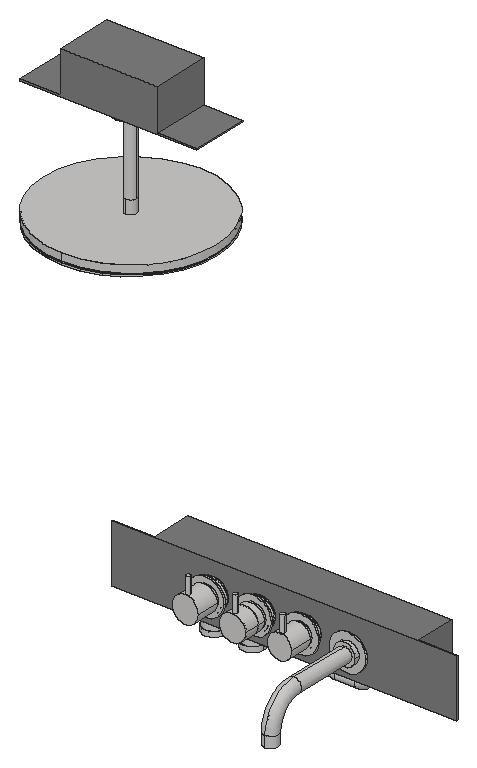
Revit family "5411C-061A", category Plumbing Fixtures, Revit 2021
Family settings
  Round Connector Dimension = Use Diameter
  Part Type = Normal
  Work Plane-Based = No
  Always vertical = Yes
  Cut with Voids When Loaded = No
  Shared = No
  Room Calculation Point = No
Parameters
  e-mail = "info@vola.com"
  URL = "http://vola.com"
  Telephone = "+45 7023 5500"
  Shower Offset = 450.00 mm
  Shower Head Height = 2100.00 mm
  Quality management standard = "ISO 9001"
  Organisation no. / DUNS no. = "17531328"
  Occupational health and safety management standard = "ISO 18001"
  Mounting Instructions = "http://vola.com/service/producturl.ashx?name=5411C-061A"
  Model = "5411C-061A"
  Mixer Offset [instance] = 12.00 mm
  Mixer = yes
  Materials and components information = "http://vola.com/service/producturl.ashx?name=5411C-061A"
  Manufacturer = "VOLA A/S"
  Maintenance Instructions = "http://vola.com/service/producturl.ashx?name=5411C-061A"
  Handle Height = 1100.00 mm
  Guarantee = "2 years"
  Flow = "30,00 l/min"
  Environmental management standard = "ISO 14000"
  Default Elevation = 0.00 mm
  Connection - All relevant connections = "¾\" for water connection"
  Ceiling Mixer Offset = 12.00 mm
  Approvals = "http://vola.com/service/producturl.ashx?name=5411C-061A"
Reference planes
  plane 1 "Center (Front/Back)": y = 0
  plane 2: z = 0
  plane 3 "Center (Left/Right)": x = 0
  plane 4 "Mixer plane": y = 12
  plane 5: z = 1100
  plane 6: z = 2100
  plane 7 "Wall Surface": y = 0
Forms (mm)
  Extrusion 1, solid, material "Stainless Steel", visible <- "Mixer"
    sketch origin (-258.89, 9.5, 1100) x (0, 0, -1) y (1, 0, 0)
      loop
        circle (0, 24.89) r 24.89
    from 0 to 9.5
  Extrusion 2, solid, material "Stainless Steel", visible <- "Mixer"
    sketch origin (-180.89, 9.5, 1100) x (0, 0, -1) y (1, 0, 0)
      loop
        circle (0, 24.89) r 24.89
    from 0 to 9.5
  Extrusion 3, solid, material "Stainless Steel", visible <- "Mixer"
    sketch origin (-100, 11.74, 1100) x (0, 0, -1) y (1, 0, 0)
      loop
        circle (0, 22) r 22
    from 0 to 11.74
  Extrusion 4, solid, material "Stainless Steel", visible <- "Mixer"
    sketch origin (-16.5, 11.74, 1100) x (0, 0, -1) y (1, 0, 0)
      loop
        circle (0, 16.5) r 16.5
    from 0 to 11.74
  Extrusion 5, solid, material "Stainless Steel", visible <- "Mixer"
    sketch origin (16.5, -450, 2111.5) x (-1, 0, 0) y (0, -1, 0)
      loop
        circle (16.5, 0) r 16.5
    from -11.5 to 0
Dimensions and locks
  "Mixer Offset": plane 4 "Mixer plane" to plane 1 "Center (Front/Back)"
  "Handle Height": plane 5 to plane 2
  "Shower Head Height": plane 6 to level
  "Shower Offset": nested 11 to plane 1 "Center (Front/Back)"
  "Ceiling Mixer Offset": nested 11 to plane 6
  aligned and locked: plane 2 to level
  aligned and locked: nested 7 to plane 4 "Mixer plane"
  aligned and locked: plane 5 to nested 7
  aligned and locked: nested 8 to plane 5
  aligned and locked: nested 4 to plane 5
  aligned and locked: nested 6 to plane 5
  aligned and locked: nested 5 to plane 5
  aligned and locked: plane 1 "Center (Front/Back)" to Extrusion 4
  aligned and locked: plane 1 "Center (Front/Back)" to Extrusion 3
  aligned and locked: plane 1 "Center (Front/Back)" to Extrusion 2
  aligned and locked: plane 1 "Center (Front/Back)" to Extrusion 1
  aligned and locked: plane 6 to nested 10
  aligned and locked: Extrusion 5 to plane 6
  aligned and locked: Extrusion 5 to nested 11
  aligned and locked: nested 10 to nested 11
Automatic sketch dimensions
  radius of Extrusion 1 sketch curve to nested 7 = 0.00 mm
  radius of Extrusion 2 sketch curve to nested 7 = 0.00 mm
  radius of Extrusion 3 sketch curve to nested 7 = 0.00 mm
  radius of Extrusion 4 sketch curve to nested 7 = 0.00 mm
  radius of Extrusion 5 sketch curve to nested 11 = 0.00 mm
Nested families
  nested 1: "NR52" at (-156, -2, 1100), built-in parameter 1001364 <- "Handle Height", type "NR52"
  nested 2: "NR51" at (-234, -2, 1100), built-in parameter 1001364 <- "Handle Height", type "NR51"
  nested 3: "NR54G" at (-78, -2, 1100), built-in parameter 1001364 <- "Handle Height", type "NR54G"
  nested 4: "2001" at (-156, 0, 1100) x (1, 0, 0) z (0, -1, 0), type "2001"
  nested 5: "2001" at (-234, 0, 1100) x (1, 0, 0) z (0, -1, 0), type "2001"
  nested 6: "2001" at (-78, 0, 1100) x (1, 0, 0) z (0, -1, 0), type "2001"
  nested 7: "5400N" at (-195, 83.5, 1015), visible <- "Mixer", type "5400N"
  nested 8: "001" at (0, 0, 1100) x (1, 0, 0) z (0, -1, 0), type "001"
  nested 9: "010C" at (0, -2, 1100), built-in parameter 1001364 <- "Handle Height", type "010C"
  nested 10: "060A" at (0, -450, 2100), type "060A"
  nested 11: "200M" at (0, -450, 2112), visible <- "Mixer", type "200M"
Connectors
  piping at (-202, 54.5, 1015), diameter 37
    settings: on nested 7, index 1, connector inside diameter 1.45669", connector length 0.00 mm, flow factor 0, pipe flow 0 GPM, pressure drop 0.00 psi, fitting loss kfactor 0, connector angle 0.00°, fixture units 0, engagement length 0.00 mm, angle of deflection 0.00°, flow configuration 0, flow direction 1, fitting loss method 0, system type 20, joint type 0, gender type 0, connector reference index -1, connector utility 0, adjustable connector no, is connector primary yes, connector description ""
  piping at (-266, 54.5, 1015), diameter 37
    settings: on nested 7, index 2, connector inside diameter 1.45669", connector length 0.00 mm, flow factor 0, pipe flow 0 GPM, pressure drop 0.00 psi, fitting loss kfactor 0, connector angle 0.00°, fixture units 0, engagement length 0.00 mm, angle of deflection 0.00°, flow configuration 0, flow direction 1, fitting loss method 0, system type 19, joint type 0, gender type 0, connector reference index -1, connector utility 0, adjustable connector no, is connector primary no, connector description ""
Definition of nested family "NR52"
  Parameters
    e-mail = "info@vola.com"
    URL = "http://vola.com"
    Telephone = "+45 7023 5500"
    Quality management standard = "ISO 9001"
    Organisation no. / DUNS no. = "17531328"
    Occupational health and safety management standard = "ISO 18001"
    Mounting Instructions = "http://vola.com/service/producturl.ashx?name=NR52"
    Model = "NR52"
    Materials and components information = "http://vola.com/service/producturl.ashx?name=NR52"
    Manufacturer = "VOLA A/S"
    Maintenance Instructions = "http://vola.com/service/producturl.ashx?name=NR52"
    Guarantee = "2 years"
    Environmental management standard = "ISO 14000"
    Default Elevation = 0.00 mm
    Connection - All relevant connections = ""
    Approvals = "http://vola.com/service/producturl.ashx?name=NR52"
  Reference planes
    plane 1 "Center (Front/Back)": y = 0
    plane 2: z = 0
    plane 3 "Center (Left/Right)": x = 0
  Forms (mm)
    Extrusion 1, solid
      sketch origin (0, 0, 0) x (1, 0, 0) y (0, 0, 1)
        loop
          circle (0, 0) r 20
      from 0 to 5
    Extrusion 2, solid
      sketch origin (0, 0, 0) x (1, 0, 0) y (0, 0, 1)
        loop
          circle (0, 0) r 21.5
      from 17 to 42.5
    Extrusion 3, solid
      sketch origin (0, -2, 0) x (0, -1, 0) y (1, 0, 0)
        loop
          circle (34.5, 0) r 3.5
      from 0 to 47.5
    Extrusion 4, solid
      sketch origin (0, 10.75, -47.4) x (0, -1, 0) y (1, 0, 0)
        loop
          circle (34.5, 0) r 3.5
      from 22.5 to 47.4
    Extrusion 5, solid
      sketch origin (0, 11.93, 0) x (1, 0, 0) y (0, 0, 1)
        loop
          circle (0, 0) r 21.5
      from 16.93 to 28.93
  Cuts and joins
    joined: Extrusion 2, Extrusion 3, Extrusion 4
  Dimensions and locks
    aligned and locked: plane 2 to level
    aligned and locked: Extrusion 2 to Extrusion 5
    aligned and locked: Extrusion 1 to Extrusion 5
Definition of nested family "NR51"
  Parameters
    e-mail = "info@vola.com"
    URL = "http://vola.com"
    Telephone = "+45 7023 5500"
    Quality management standard = "ISO 9001"
    Organisation no. / DUNS no. = "17531328"
    Occupational health and safety management standard = "ISO 18001"
    Mounting Instructions = "http://vola.com/service/producturl.ashx?name=NR51"
    Model = "NR51"
    Materials and components information = "http://vola.com/service/producturl.ashx?name=NR51"
    Manufacturer = "VOLA A/S"
    Maintenance Instructions = "http://vola.com/service/producturl.ashx?name=NR51"
    Guarantee = "2 years"
    Environmental management standard = "ISO 14000"
    Default Elevation = 0.00 mm
    Connection - All relevant connections = ""
    Approvals = "http://vola.com/service/producturl.ashx?name=NR51"
  Reference planes
    plane 1 "Center (Front/Back)": y = 0
    plane 2: z = 0
    plane 3 "Center (Left/Right)": x = 0
  Forms (mm)
    Extrusion 1, solid
      sketch origin (0, 0, 0) x (1, 0, 0) y (0, 0, 1)
        loop
          circle (0, 0) r 21.5
      from 5 to 42.5
    Extrusion 2, solid
      sketch origin (0, -2, 0) x (0, -1, 0) y (1, 0, 0)
        loop
          circle (34.5, 0) r 3.5
      from 0 to 47.5
    Extrusion 3, solid
      sketch origin (0, 0, 0) x (1, 0, 0) y (0, 0, 1)
        loop
          circle (0, 0) r 20
      from 0 to 5
  Cuts and joins
    joined: Extrusion 1, Extrusion 2
  Dimensions and locks
    aligned and locked: plane 2 to level
Definition of nested family "NR54G"
  Parameters
    e-mail = "info@vola.com"
    URL = "http://vola.com"
    Telephone = "+45 7023 5500"
    Quality management standard = "ISO 9001"
    Organisation no. / DUNS no. = "17531328"
    Occupational health and safety management standard = "ISO 18001"
    Mounting Instructions = "http://vola.com/service/producturl.ashx?name=NR54G"
    Model = "NR54G"
    Materials and components information = "http://vola.com/service/producturl.ashx?name=NR54G"
    Manufacturer = "VOLA A/S"
    Maintenance Instructions = "http://vola.com/service/producturl.ashx?name=NR54G"
    Guarantee = "2 years"
    Environmental management standard = "ISO 14000"
    Default Elevation = 0.00 mm
    Connection - All relevant connections = ""
    Approvals = "http://vola.com/service/producturl.ashx?name=NR54G"
  Reference planes
    plane 1 "Center (Front/Back)": y = 0
    plane 2: z = 0
    plane 3 "Center (Left/Right)": x = 0
  Forms (mm)
    Extrusion 1, solid
      sketch origin (0, -5, 0) x (1, 0, 0) y (0, 0, 1)
        loop
          circle (0, 0) r 20
      from 0 to 37.5
    Extrusion 2, solid
      sketch origin (0, -2, 0) x (0, -1, 0) y (1, 0, 0)
        loop
          circle (34.5, 0) r 3.5
      from 0 to 45.5
    Extrusion 3, solid
      sketch origin (0, 0, 0) x (1, 0, 0) y (0, 0, 1)
        loop
          circle (0, 0) r 18
      from 0 to 5
  Cuts and joins
    joined: Extrusion 1, Extrusion 2
  Dimensions and locks
    aligned and locked: plane 2 to level
Definition of nested family "2001"
  Parameters
    e-mail = "info@vola.com"
    URL = "http://vola.com"
    Telephone = "+45 7023 5500"
    Quality management standard = "ISO 9001"
    Organisation no. / DUNS no. = "17531328"
    Occupational health and safety management standard = "ISO 18001"
    Mounting Instructions = "http://vola.com/service/producturl.ashx?name=2001"
    Model = "2001"
    Materials and components information = "http://vola.com/service/producturl.ashx?name=2001"
    Manufacturer = "VOLA A/S"
    Maintenance Instructions = "http://vola.com/service/producturl.ashx?name=2001"
    Guarantee = "2 years"
    Environmental management standard = "ISO 14000"
    Default Elevation = 1219.20 mm
    Connection - All relevant connections = ""
    Approvals = "http://vola.com/service/producturl.ashx?name=2001"
  Reference planes
    plane 1 "Center (Front/Back)": y = 0
    plane 2: z = 0
    plane 3 "Center (Left/Right)": x = 0
  Forms (mm)
    Extrusion 1, solid
      sketch origin (0, 0, 0) x (1, 0, 0) y (0, 1, 0)
        loop
          circle (0, 0) r 19.5
        loop
          circle (0, 0) r 30
      from 0 to 2
  Dimensions and locks
    aligned and locked: plane 2 to level
Definition of nested family "5400N"
  Parameters
    e-mail = "info@vola.com"
    URL = "http://vola.com"
    Telephone = "+45 7023 5500"
    Quality management standard = "ISO 9001"
    Organisation no. / DUNS no. = "17531328"
    Occupational health and safety management standard = "ISO 18001"
    Mounting Instructions = "http://vola.com/service/producturl.ashx?name=5400N"
    Model = "5400N"
    Materials and components information = "http://vola.com/service/producturl.ashx?name=5400N"
    Manufacturer = "VOLA A/S"
    Maintenance Instructions = "http://vola.com/service/producturl.ashx?name=5400N"
    Guarantee = "2 years"
    Flow = "43,00 l/min"
    Environmental management standard = "ISO 14000"
    Default Elevation = 0.00 mm
    Connection - All relevant connections = ""
    Approvals = "http://vola.com/service/producturl.ashx?name=5400N"
  Reference planes
    plane 1 "Center (Front/Back)": y = 0
    plane 2: z = 0
    plane 3 "Center (Left/Right)": x = 0
    plane 4 "Inlet Center Plane": y = -29
    plane 5: z = 85
  Forms (mm)
    Extrusion 1, solid
      sketch origin (10, 0, 16) x (1, 0, 0) y (0, 1, 0)
        loop
          line (-147.5, 0) -> (-147.5, -69) -> (288.5, -69) -> (288.5, 0) -> (-147.5, 0)
      from 21.5 to 116.5
    Extrusion 2, solid
      sketch origin (10, -1, 16) x (1, 0, 0) y (0, 1, 0)
        loop
          line (-215, -68) -> (-215, -70.5) -> (353.5, -70.5) -> (353.5, -68) -> (-215, -68)
      from 21.5 to 116.5
    Extrusion 3, solid
      sketch origin (-59, -4, 37.5) x (0, 1, 0) y (1, 0, 0)
        loop
          circle (-25, -12) r 16.5
      from 0 to 29.77
    Extrusion 4, solid
      sketch origin (5, -4, 37.5) x (0, 1, 0) y (1, 0, 0)
        loop
          circle (-25, -12) r 16.5
      from 0 to 29.77
    Extrusion 5, solid
      sketch origin (-51.5, -71.5, 16) x (-1, 0, 0) y (0, 0, -1)
        loop
          circle (-12.5, -69) r 24.89
      from 0 to 2.5
    Extrusion 6, solid
      sketch origin (26.5, -71.5, 16) x (-1, 0, 0) y (0, 0, -1)
        loop
          circle (-12.5, -69) r 24.89
      from 0 to 2.5
    Extrusion 7, solid
      sketch origin (65.5, -71.5, 16) x (-1, 0, 0) y (0, 0, -1)
        loop
          circle (-51.5, -69) r 22
      from 0 to 0.26
    Extrusion 8, solid
      sketch origin (-59, -4, 7.73) x (-1, 0, 0) y (0, 1, 0)
        loop
          circle (12, -25) r 18.5
      from 0 to 7.73
    Extrusion 9, solid
      sketch origin (5, -4, 7.73) x (-1, 0, 0) y (0, 1, 0)
        loop
          circle (12, -25) r 18.5
      from 0 to 7.73
    Sweep 10, solid
      path origin (92, -35.26, 1219.2) x (-1, 0, 0) y (0, 0, 1)
        loop
          line (-25, -1181.7) -> (-25, -1186.2)
          arc (-25, -1186.2) -> (-31.59, -1202.11) -> (-47.5, -1208.7) r 22.5
          line (-47.5, -1208.7) -> (-80.5, -1208.7)
          arc (-80.5, -1208.7) -> (-96.41, -1202.11) -> (-103, -1186.2) r 22.5
          line (-103, -1186.2) -> (-103, -1181.7)
      profile origin (117, -35.26, 35.25) x (0, 1, 0) y (-1, 0, 0)
        loop
          circle (0, 0) r 7.5
    Extrusion 11, solid
      sketch origin (143.5, -71.5, 16) x (-1, 0, 0) y (0, 0, -1)
        loop
          circle (-51.5, -69) r 16.5
      from 0 to 0.26
  Cuts and joins
    joined: Extrusion 1, Extrusion 2
  Lines and regions (mm)
    reference lines
      curve 1: line (117, -29, 85) -> (117, -121.5, 85)
      curve 2: line (39, -29, 85) -> (39, -121.5, 85)
      curve 3: line (-39, -29, 85) -> (-39, -121.5, 85)
      curve 4: line (-71, -29, 85) -> (-71, -29, -14)
      curve 5: line (-7, -29, 85) -> (-7, -29, -14)
      curve 6: line (117, -35.26, 182.5) -> (117, -35.26, -12.5)
      curve 7: line (195, -29, 85) -> (195, -121.5, 85)
  Dimensions and locks
    aligned and locked: plane 2 to level
    aligned and locked: Extrusion 1 to Extrusion 2
    aligned and locked: Extrusion 2 to Extrusion 1
Definition of nested family "001"
  Parameters
    e-mail = "info@vola.com"
    URL = "http://vola.com"
    Telephone = "+45 7023 5500"
    Quality management standard = "ISO 9001"
    Organisation no. / DUNS no. = "17531328"
    Occupational health and safety management standard = "ISO 18001"
    Mounting Instructions = "http://vola.com/service/producturl.ashx?name=001"
    Model = "001"
    Materials and components information = "http://vola.com/service/producturl.ashx?name=001"
    Manufacturer = "VOLA A/S"
    Maintenance Instructions = "http://vola.com/service/producturl.ashx?name=001"
    Guarantee = "2 years"
    Environmental management standard = "ISO 14000"
    Default Elevation = 1219.20 mm
    Connection - All relevant connections = ""
    Approvals = "http://vola.com/service/producturl.ashx?name=001"
  Reference planes
    plane 1 "Center (Front/Back)": y = 0
    plane 2: z = 0
    plane 3 "Center (Left/Right)": x = 0
  Forms (mm)
    Extrusion 1, solid
      sketch origin (0, 0, 0) x (1, 0, 0) y (0, 1, 0)
        loop
          circle (0, 0) r 16.5
        loop
          circle (0, 0) r 30
      from 0 to 2
  Dimensions and locks
    aligned and locked: plane 2 to level
Definition of nested family "010C"
  Parameters
    e-mail = "info@vola.com"
    URL = "http://vola.com"
    Telephone = "+45 7023 5500"
    Quality management standard = "ISO 9001"
    Organisation no. / DUNS no. = "17531328"
    Occupational health and safety management standard = "ISO 18001"
    Mounting Instructions = "http://vola.com/service/producturl.ashx?name=010C"
    Model = "010C"
    Materials and components information = "http://vola.com/service/producturl.ashx?name=010C"
    Manufacturer = "VOLA A/S"
    Maintenance Instructions = "http://vola.com/service/producturl.ashx?name=010C"
    Guarantee = "2 years"
    Environmental management standard = "ISO 14000"
    Default Elevation = 0.00 mm
    Connection - All relevant connections = ""
    Approvals = "http://vola.com/service/producturl.ashx?name=010C"
  Reference planes
    plane 1 "Center (Front/Back)": y = 0
    plane 2: z = 0
    plane 3 "Center (Left/Right)": x = 0
  Forms (mm)
    Extrusion 1, solid
      sketch origin (0, 0, 0) x (1, 0, 0) y (0, 0, 1)
        loop
          circle (0, 0) r 18
      from 0 to 7
    Sweep 2, solid
      path origin (0, 10, 0) x (0, 1, 0) y (0, 0, 1)
        loop
          arc (-168.5, -47.5) -> (-154.588, -13.912) -> (-121, 0) r 47.5
          line (-121, 0) -> (-17, 0)
      profile origin (0, -59, 0) x (0, 0, 1) y (1, 0, 0)
        loop
          circle (0, 0) r 12
    Extrusion 3, solid
      sketch origin (0, -158.5, -47.5) x (1, 0, 0) y (0, -1, 0)
        loop
          circle (0, 0) r 12
      from 0 to 18
  Dimensions and locks
    aligned and locked: plane 2 to level
Definition of nested family "060A"
  Parameters
    e-mail = "info@vola.com"
    URL = "http://vola.com"
    Telephone = "+45 7023 5500"
    Quality management standard = "ISO 9001"
    Organisation no. / DUNS no. = "17531328"
    Occupational health and safety management standard = "ISO 18001"
    Mounting Instructions = "http://vola.com/service/producturl.ashx?name=060A"
    Model = "060A"
    Materials and components information = "http://vola.com/service/producturl.ashx?name=060A"
    Manufacturer = "VOLA A/S"
    Maintenance Instructions = "http://vola.com/service/producturl.ashx?name=060A"
    Guarantee = "2 years"
    Flow = "22,00 l/min"
    Environmental management standard = "ISO 14000"
    Default Elevation = 0.00 mm
    Connection - All relevant connections = ""
    Approvals = "http://vola.com/service/producturl.ashx?name=060A"
  Reference planes
    plane 1 "Center (Front/Back)": y = 0
    plane 2: z = 0
    plane 3 "Center (Left/Right)": x = 0
  Forms (mm)
    Extrusion 1, solid
      sketch origin (0, 0, -9.5) x (0, 1, 0) y (1, 0, 0)
        loop
          circle (0, 0) r 9.5
      from 0 to 118.5
    Extrusion 2, solid
      sketch origin (-450, 0, -128) x (-1, 0, 0) y (0, 1, 0)
        loop
          circle (-450, 0) r 8.5
      from 0 to 0.2
    Extrusion 3, solid
      sketch origin (-450, 0, -128.2) x (0, -1, 0) y (-1, 0, 0)
        loop
          circle (0, -450) r 9.5
      from 0 to 21.8
    Extrusion 4, solid
      sketch origin (-450, 0, -150) x (1, 0, 0) y (0, -1, 0)
        loop
          circle (450, 0) r 143
      from 0 to 12
    Extrusion 5, solid
      sketch origin (-450, 0, -162) x (0, 1, 0) y (1, 0, 0)
        loop
          circle (0, 450) r 140
      from 0 to 3
    Extrusion 6, solid
      sketch origin (-450, 0, -165) x (-1, 0, 0) y (0, 1, 0)
        loop
          circle (-450, 0) r 143
      from 0 to 2
    Extrusion 7, solid
      sketch origin (0, 0, -2) x (1, 0, 0) y (0, 1, 0)
        loop
          circle (0, 0) r 18
      from 0 to -7.5
    Extrusion 8, solid
      sketch origin (0, 0, -2) x (1, 0, 0) y (0, 1, 0)
        loop
          circle (0, 0) r 30
      from 0 to 2
  Dimensions and locks
    aligned and locked: plane 2 to level
  Nested families
    nested 1: "Shower Detail Lines" at (0, 0, -167) x (0, 1, 0) z (0, 0, 1), type "Shower Detail Lines"
  Definition of nested family "Shower Detail Lines"
    Parameters
      Default Elevation = 1219.20 mm
    Reference planes
      plane 1 "Center (Front/Back)": y = 0
      plane 2: z = 0
      plane 3 "Center (Left/Right)": x = 0
    Lines and regions (mm)
      model lines
        curve 1: line (-2, -24, 0) -> (2, -24, 0)
        curve 2: line (-2, -130, 0) -> (-2, -24, 0)
        curve 3: line (2, -130, 0) -> (-2, -130, 0)
        curve 4: line (2, -24, 0) -> (2, -130, 0)
        curve 5: circle (0, -27.479, 0) r 1.5 normal (0, 0, 1)
        curve 6: circle (0, -27.479, 0) r 0.5 normal (0, 0, 1)
        curve 7: circle (0, -36.479, 0) r 1.5 normal (0, 0, 1)
        curve 8: circle (0, -36.479, 0) r 0.5 normal (0, 0, 1)
        curve 9: circle (0, -45.479, 0) r 1.5 normal (0, 0, 1)
        curve 10: circle (0, -45.479, 0) r 0.5 normal (0, 0, 1)
        curve 11: circle (0, -54.479, 0) r 1.5 normal (0, 0, 1)
        curve 12: circle (0, -54.479, 0) r 0.5 normal (0, 0, 1)
        curve 13: circle (0, -63.479, 0) r 1.5 normal (0, 0, 1)
        curve 14: circle (0, -63.479, 0) r 0.5 normal (0, 0, 1)
        curve 15: circle (0, -72.479, 0) r 1.5 normal (0, 0, 1)
        curve 16: circle (0, -72.479, 0) r 0.5 normal (0, 0, 1)
        curve 17: circle (0, -81.479, 0) r 1.5 normal (0, 0, 1)
        curve 18: circle (0, -81.479, 0) r 0.5 normal (0, 0, 1)
        curve 19: circle (0, -90.479, 0) r 1.5 normal (0, 0, 1)
        curve 20: circle (0, -90.479, 0) r 0.5 normal (0, 0, 1)
        curve 21: circle (0, -99.479, 0) r 1.5 normal (0, 0, 1)
        curve 22: circle (0, -99.479, 0) r 0.5 normal (0, 0, 1)
        curve 23: circle (0, -108.479, 0) r 1.5 normal (0, 0, 1)
        curve 24: circle (0, -108.479, 0) r 0.5 normal (0, 0, 1)
        curve 25: circle (0, -117.479, 0) r 1.5 normal (0, 0, 1)
        curve 26: circle (0, -117.479, 0) r 0.5 normal (0, 0, 1)
        curve 27: circle (0, -126.479, 0) r 1.5 normal (0, 0, 1)
        curve 28: circle (0, -126.479, 0) r 0.5 normal (0, 0, 1)
        curve 29: line (6.329, -23.237, 0) -> (10.088, -21.869, 0)
        curve 30: line (42.583, -122.844, 0) -> (6.329, -23.237, 0)
        curve 31: line (46.342, -121.476, 0) -> (42.583, -122.844, 0)
        curve 32: line (10.088, -21.869, 0) -> (46.342, -121.476, 0)
        curve 33: circle (9.398, -25.822, 0) r 1.5 normal (0, 0, 1)
        curve 34: circle (9.398, -25.822, 0) r 0.5 normal (0, 0, 1)
        curve 35: circle (12.477, -34.279, 0) r 1.5 normal (0, 0, 1)
        curve 36: circle (12.477, -34.279, 0) r 0.5 normal (0, 0, 1)
        curve 37: circle (15.555, -42.736, 0) r 1.5 normal (0, 0, 1)
        curve 38: circle (15.555, -42.736, 0) r 0.5 normal (0, 0, 1)
        curve 39: circle (18.633, -51.193, 0) r 1.5 normal (0, 0, 1)
        curve 40: circle (18.633, -51.193, 0) r 0.5 normal (0, 0, 1)
        curve 41: circle (21.711, -59.651, 0) r 1.5 normal (0, 0, 1)
        curve 42: circle (21.711, -59.651, 0) r 0.5 normal (0, 0, 1)
        curve 43: circle (24.789, -68.108, 0) r 1.5 normal (0, 0, 1)
        curve 44: circle (24.789, -68.108, 0) r 0.5 normal (0, 0, 1)
        curve 45: circle (27.867, -76.565, 0) r 1.5 normal (0, 0, 1)
        curve 46: circle (27.867, -76.565, 0) r 0.5 normal (0, 0, 1)
        curve 47: circle (30.946, -85.022, 0) r 1.5 normal (0, 0, 1)
        curve 48: circle (30.946, -85.022, 0) r 0.5 normal (0, 0, 1)
        curve 49: circle (34.024, -93.48, 0) r 1.5 normal (0, 0, 1)
        curve 50: circle (34.024, -93.48, 0) r 0.5 normal (0, 0, 1)
        curve 51: circle (37.102, -101.937, 0) r 1.5 normal (0, 0, 1)
        curve 52: circle (37.102, -101.937, 0) r 0.5 normal (0, 0, 1)
        curve 53: circle (40.18, -110.394, 0) r 1.5 normal (0, 0, 1)
        curve 54: circle (40.18, -110.394, 0) r 0.5 normal (0, 0, 1)
        curve 55: circle (43.258, -118.851, 0) r 1.5 normal (0, 0, 1)
        curve 56: circle (43.258, -118.851, 0) r 0.5 normal (0, 0, 1)
        curve 57: line (13.895, -19.671, 0) -> (16.959, -17.099, 0)
        curve 58: line (82.03, -100.871, 0) -> (13.895, -19.671, 0)
        curve 59: line (85.094, -98.3, 0) -> (82.03, -100.871, 0)
        curve 60: line (16.959, -17.099, 0) -> (85.094, -98.3, 0)
        curve 61: circle (17.663, -21.05, 0) r 1.5 normal (0, 0, 1)
        curve 62: circle (17.663, -21.05, 0) r 0.5 normal (0, 0, 1)
        curve 63: circle (23.448, -27.944, 0) r 1.5 normal (0, 0, 1)
        curve 64: circle (23.448, -27.944, 0) r 0.5 normal (0, 0, 1)
        curve 65: circle (29.233, -34.839, 0) r 1.5 normal (0, 0, 1)
        curve 66: circle (29.233, -34.839, 0) r 0.5 normal (0, 0, 1)
        curve 67: circle (35.018, -41.733, 0) r 1.5 normal (0, 0, 1)
        curve 68: circle (35.018, -41.733, 0) r 0.5 normal (0, 0, 1)
        curve 69: circle (40.803, -48.628, 0) r 1.5 normal (0, 0, 1)
        curve 70: circle (40.803, -48.628, 0) r 0.5 normal (0, 0, 1)
        curve 71: circle (46.589, -55.522, 0) r 1.5 normal (0, 0, 1)
        curve 72: circle (46.589, -55.522, 0) r 0.5 normal (0, 0, 1)
        curve 73: circle (52.374, -62.416, 0) r 1.5 normal (0, 0, 1)
        curve 74: circle (52.374, -62.416, 0) r 0.5 normal (0, 0, 1)
        curve 75: circle (58.159, -69.311, 0) r 1.5 normal (0, 0, 1)
        curve 76: circle (58.159, -69.311, 0) r 0.5 normal (0, 0, 1)
        curve 77: circle (63.944, -76.205, 0) r 1.5 normal (0, 0, 1)
        curve 78: circle (63.944, -76.205, 0) r 0.5 normal (0, 0, 1)
        curve 79: circle (69.729, -83.1, 0) r 1.5 normal (0, 0, 1)
        curve 80: circle (69.729, -83.1, 0) r 0.5 normal (0, 0, 1)
        curve 81: circle (75.514, -89.994, 0) r 1.5 normal (0, 0, 1)
        curve 82: circle (75.514, -89.994, 0) r 0.5 normal (0, 0, 1)
        curve 83: circle (81.299, -96.888, 0) r 1.5 normal (0, 0, 1)
        curve 84: circle (81.299, -96.888, 0) r 0.5 normal (0, 0, 1)
        curve 85: line (19.785, -13.732, 0) -> (21.785, -10.268, 0)
        curve 86: line (111.583, -66.732, 0) -> (19.785, -13.732, 0)
        curve 87: line (113.583, -63.268, 0) -> (111.583, -66.732, 0)
        curve 88: line (21.785, -10.268, 0) -> (113.583, -63.268, 0)
        curve 89: circle (23.797, -13.739, 0) r 1.5 normal (0, 0, 1)
        curve 90: circle (23.797, -13.739, 0) r 0.5 normal (0, 0, 1)
        curve 91: circle (31.592, -18.239, 0) r 1.5 normal (0, 0, 1)
        curve 92: circle (31.592, -18.239, 0) r 0.5 normal (0, 0, 1)
        curve 93: circle (39.386, -22.739, 0) r 1.5 normal (0, 0, 1)
        curve 94: circle (39.386, -22.739, 0) r 0.5 normal (0, 0, 1)
        curve 95: circle (47.18, -27.239, 0) r 1.5 normal (0, 0, 1)
        curve 96: circle (47.18, -27.239, 0) r 0.5 normal (0, 0, 1)
        curve 97: circle (54.974, -31.739, 0) r 1.5 normal (0, 0, 1)
        curve 98: circle (54.974, -31.739, 0) r 0.5 normal (0, 0, 1)
        curve 99: circle (62.769, -36.239, 0) r 1.5 normal (0, 0, 1)
        curve 100: circle (62.769, -36.239, 0) r 0.5 normal (0, 0, 1)
        curve 101: circle (70.563, -40.739, 0) r 1.5 normal (0, 0, 1)
        curve 102: circle (70.563, -40.739, 0) r 0.5 normal (0, 0, 1)
        curve 103: circle (78.357, -45.239, 0) r 1.5 normal (0, 0, 1)
        curve 104: circle (78.357, -45.239, 0) r 0.5 normal (0, 0, 1)
        curve 105: circle (86.151, -49.739, 0) r 1.5 normal (0, 0, 1)
        curve 106: circle (86.151, -49.739, 0) r 0.5 normal (0, 0, 1)
        curve 107: circle (93.945, -54.239, 0) r 1.5 normal (0, 0, 1)
        curve 108: circle (93.945, -54.239, 0) r 0.5 normal (0, 0, 1)
        curve 109: circle (101.74, -58.739, 0) r 1.5 normal (0, 0, 1)
        curve 110: circle (101.74, -58.739, 0) r 0.5 normal (0, 0, 1)
        curve 111: circle (109.534, -63.239, 0) r 1.5 normal (0, 0, 1)
        curve 112: circle (109.534, -63.239, 0) r 0.5 normal (0, 0, 1)
        curve 113: line (23.288, -6.137, 0) -> (23.983, -2.198, 0)
        curve 114: line (127.678, -24.544, 0) -> (23.288, -6.137, 0)
        curve 115: line (128.372, -20.605, 0) -> (127.678, -24.544, 0)
        curve 116: line (23.983, -2.198, 0) -> (128.372, -20.605, 0)
        curve 117: circle (27.061, -4.772, 0) r 1.5 normal (0, 0, 1)
        curve 118: circle (27.061, -4.772, 0) r 0.5 normal (0, 0, 1)
        curve 119: circle (35.925, -6.334, 0) r 1.5 normal (0, 0, 1)
        curve 120: circle (35.925, -6.334, 0) r 0.5 normal (0, 0, 1)
        curve 121: circle (44.788, -7.897, 0) r 1.5 normal (0, 0, 1)
        curve 122: circle (44.788, -7.897, 0) r 0.5 normal (0, 0, 1)
        curve 123: circle (53.651, -9.46, 0) r 1.5 normal (0, 0, 1)
        curve 124: circle (53.651, -9.46, 0) r 0.5 normal (0, 0, 1)
        curve 125: circle (62.514, -11.023, 0) r 1.5 normal (0, 0, 1)
        curve 126: circle (62.514, -11.023, 0) r 0.5 normal (0, 0, 1)
        curve 127: circle (71.378, -12.586, 0) r 1.5 normal (0, 0, 1)
        curve 128: circle (71.378, -12.586, 0) r 0.5 normal (0, 0, 1)
        curve 129: circle (80.241, -14.149, 0) r 1.5 normal (0, 0, 1)
        curve 130: circle (80.241, -14.149, 0) r 0.5 normal (0, 0, 1)
        curve 131: circle (89.104, -15.711, 0) r 1.5 normal (0, 0, 1)
        curve 132: circle (89.104, -15.711, 0) r 0.5 normal (0, 0, 1)
        curve 133: circle (97.968, -17.274, 0) r 1.5 normal (0, 0, 1)
        curve 134: circle (97.968, -17.274, 0) r 0.5 normal (0, 0, 1)
        curve 135: circle (106.831, -18.837, 0) r 1.5 normal (0, 0, 1)
        curve 136: circle (106.831, -18.837, 0) r 0.5 normal (0, 0, 1)
        curve 137: circle (115.694, -20.4, 0) r 1.5 normal (0, 0, 1)
        curve 138: circle (115.694, -20.4, 0) r 0.5 normal (0, 0, 1)
        curve 139: circle (124.557, -21.963, 0) r 1.5 normal (0, 0, 1)
        curve 140: circle (124.557, -21.963, 0) r 0.5 normal (0, 0, 1)
        curve 141: line (23.983, 2.198, 0) -> (23.288, 6.137, 0)
        curve 142: line (128.372, 20.605, 0) -> (23.983, 2.198, 0)
        curve 143: line (127.678, 24.544, 0) -> (128.372, 20.605, 0)
        curve 144: line (23.288, 6.137, 0) -> (127.678, 24.544, 0)
        curve 145: circle (27.061, 4.772, 0) r 1.5 normal (0, 0, 1)
        curve 146: circle (27.061, 4.772, 0) r 0.5 normal (0, 0, 1)
        curve 147: circle (35.925, 6.334, 0) r 1.5 normal (0, 0, 1)
        curve 148: circle (35.925, 6.334, 0) r 0.5 normal (0, 0, 1)
        curve 149: circle (44.788, 7.897, 0) r 1.5 normal (0, 0, 1)
        curve 150: circle (44.788, 7.897, 0) r 0.5 normal (0, 0, 1)
        curve 151: circle (53.651, 9.46, 0) r 1.5 normal (0, 0, 1)
        curve 152: circle (53.651, 9.46, 0) r 0.5 normal (0, 0, 1)
        curve 153: circle (62.514, 11.023, 0) r 1.5 normal (0, 0, 1)
        curve 154: circle (62.514, 11.023, 0) r 0.5 normal (0, 0, 1)
        curve 155: circle (71.378, 12.586, 0) r 1.5 normal (0, 0, 1)
        curve 156: circle (71.378, 12.586, 0) r 0.5 normal (0, 0, 1)
        curve 157: circle (80.241, 14.149, 0) r 1.5 normal (0, 0, 1)
        curve 158: circle (80.241, 14.149, 0) r 0.5 normal (0, 0, 1)
        curve 159: circle (89.104, 15.711, 0) r 1.5 normal (0, 0, 1)
        curve 160: circle (89.104, 15.711, 0) r 0.5 normal (0, 0, 1)
        curve 161: circle (97.968, 17.274, 0) r 1.5 normal (0, 0, 1)
        curve 162: circle (97.968, 17.274, 0) r 0.5 normal (0, 0, 1)
        curve 163: circle (106.831, 18.837, 0) r 1.5 normal (0, 0, 1)
        curve 164: circle (106.831, 18.837, 0) r 0.5 normal (0, 0, 1)
        curve 165: circle (115.694, 20.4, 0) r 1.5 normal (0, 0, 1)
        curve 166: circle (115.694, 20.4, 0) r 0.5 normal (0, 0, 1)
        curve 167: circle (124.557, 21.963, 0) r 1.5 normal (0, 0, 1)
        curve 168: circle (124.557, 21.963, 0) r 0.5 normal (0, 0, 1)
        curve 169: line (21.785, 10.268, 0) -> (19.785, 13.732, 0)
        curve 170: line (113.583, 63.268, 0) -> (21.785, 10.268, 0)
        curve 171: line (111.583, 66.732, 0) -> (113.583, 63.268, 0)
        curve 172: line (19.785, 13.732, 0) -> (111.583, 66.732, 0)
        curve 173: circle (23.797, 13.739, 0) r 1.5 normal (0, 0, 1)
        curve 174: circle (23.797, 13.739, 0) r 0.5 normal (0, 0, 1)
        curve 175: circle (31.592, 18.239, 0) r 1.5 normal (0, 0, 1)
        curve 176: circle (31.592, 18.239, 0) r 0.5 normal (0, 0, 1)
        curve 177: circle (39.386, 22.739, 0) r 1.5 normal (0, 0, 1)
        curve 178: circle (39.386, 22.739, 0) r 0.5 normal (0, 0, 1)
        curve 179: circle (47.18, 27.239, 0) r 1.5 normal (0, 0, 1)
        curve 180: circle (47.18, 27.239, 0) r 0.5 normal (0, 0, 1)
        curve 181: circle (54.974, 31.739, 0) r 1.5 normal (0, 0, 1)
        curve 182: circle (54.974, 31.739, 0) r 0.5 normal (0, 0, 1)
        curve 183: circle (62.769, 36.239, 0) r 1.5 normal (0, 0, 1)
        curve 184: circle (62.769, 36.239, 0) r 0.5 normal (0, 0, 1)
        curve 185: circle (70.563, 40.739, 0) r 1.5 normal (0, 0, 1)
        curve 186: circle (70.563, 40.739, 0) r 0.5 normal (0, 0, 1)
        curve 187: circle (78.357, 45.239, 0) r 1.5 normal (0, 0, 1)
        curve 188: circle (78.357, 45.239, 0) r 0.5 normal (0, 0, 1)
        curve 189: circle (86.151, 49.739, 0) r 1.5 normal (0, 0, 1)
        curve 190: circle (86.151, 49.739, 0) r 0.5 normal (0, 0, 1)
        curve 191: circle (93.945, 54.239, 0) r 1.5 normal (0, 0, 1)
        curve 192: circle (93.945, 54.239, 0) r 0.5 normal (0, 0, 1)
        curve 193: circle (101.74, 58.739, 0) r 1.5 normal (0, 0, 1)
        curve 194: circle (101.74, 58.739, 0) r 0.5 normal (0, 0, 1)
        curve 195: circle (109.534, 63.239, 0) r 1.5 normal (0, 0, 1)
        curve 196: circle (109.534, 63.239, 0) r 0.5 normal (0, 0, 1)
        curve 197: line (16.959, 17.099, 0) -> (13.895, 19.671, 0)
        curve 198: line (85.094, 98.3, 0) -> (16.959, 17.099, 0)
        curve 199: line (82.03, 100.871, 0) -> (85.094, 98.3, 0)
        curve 200: line (13.895, 19.671, 0) -> (82.03, 100.871, 0)
        curve 201: circle (17.663, 21.05, 0) r 1.5 normal (0, 0, 1)
        curve 202: circle (17.663, 21.05, 0) r 0.5 normal (0, 0, 1)
        curve 203: circle (23.448, 27.944, 0) r 1.5 normal (0, 0, 1)
        curve 204: circle (23.448, 27.944, 0) r 0.5 normal (0, 0, 1)
        curve 205: circle (29.233, 34.839, 0) r 1.5 normal (0, 0, 1)
        curve 206: circle (29.233, 34.839, 0) r 0.5 normal (0, 0, 1)
        curve 207: circle (35.018, 41.733, 0) r 1.5 normal (0, 0, 1)
        curve 208: circle (35.018, 41.733, 0) r 0.5 normal (0, 0, 1)
        curve 209: circle (40.803, 48.628, 0) r 1.5 normal (0, 0, 1)
        curve 210: circle (40.803, 48.628, 0) r 0.5 normal (0, 0, 1)
        curve 211: circle (46.589, 55.522, 0) r 1.5 normal (0, 0, 1)
        curve 212: circle (46.589, 55.522, 0) r 0.5 normal (0, 0, 1)
        curve 213: circle (52.374, 62.416, 0) r 1.5 normal (0, 0, 1)
        curve 214: circle (52.374, 62.416, 0) r 0.5 normal (0, 0, 1)
        curve 215: circle (58.159, 69.311, 0) r 1.5 normal (0, 0, 1)
        curve 216: circle (58.159, 69.311, 0) r 0.5 normal (0, 0, 1)
        curve 217: circle (63.944, 76.205, 0) r 1.5 normal (0, 0, 1)
        curve 218: circle (63.944, 76.205, 0) r 0.5 normal (0, 0, 1)
        curve 219: circle (69.729, 83.1, 0) r 1.5 normal (0, 0, 1)
        curve 220: circle (69.729, 83.1, 0) r 0.5 normal (0, 0, 1)
        curve 221: circle (75.514, 89.994, 0) r 1.5 normal (0, 0, 1)
        curve 222: circle (75.514, 89.994, 0) r 0.5 normal (0, 0, 1)
        curve 223: circle (81.299, 96.888, 0) r 1.5 normal (0, 0, 1)
        curve 224: circle (81.299, 96.888, 0) r 0.5 normal (0, 0, 1)
        curve 225: line (10.088, 21.869, 0) -> (6.329, 23.237, 0)
        curve 226: line (46.342, 121.476, 0) -> (10.088, 21.869, 0)
        curve 227: line (42.583, 122.844, 0) -> (46.342, 121.476, 0)
        curve 228: line (6.329, 23.237, 0) -> (42.583, 122.844, 0)
        curve 229: circle (9.398, 25.822, 0) r 1.5 normal (0, 0, 1)
        curve 230: circle (9.398, 25.822, 0) r 0.5 normal (0, 0, 1)
        curve 231: circle (12.477, 34.279, 0) r 1.5 normal (0, 0, 1)
        curve 232: circle (12.477, 34.279, 0) r 0.5 normal (0, 0, 1)
        curve 233: circle (15.555, 42.736, 0) r 1.5 normal (0, 0, 1)
        curve 234: circle (15.555, 42.736, 0) r 0.5 normal (0, 0, 1)
        curve 235: circle (18.633, 51.193, 0) r 1.5 normal (0, 0, 1)
        curve 236: circle (18.633, 51.193, 0) r 0.5 normal (0, 0, 1)
        curve 237: circle (21.711, 59.651, 0) r 1.5 normal (0, 0, 1)
        curve 238: circle (21.711, 59.651, 0) r 0.5 normal (0, 0, 1)
        curve 239: circle (24.789, 68.108, 0) r 1.5 normal (0, 0, 1)
        curve 240: circle (24.789, 68.108, 0) r 0.5 normal (0, 0, 1)
        curve 241: circle (27.867, 76.565, 0) r 1.5 normal (0, 0, 1)
        curve 242: circle (27.867, 76.565, 0) r 0.5 normal (0, 0, 1)
        curve 243: circle (30.946, 85.022, 0) r 1.5 normal (0, 0, 1)
        curve 244: circle (30.946, 85.022, 0) r 0.5 normal (0, 0, 1)
        curve 245: circle (34.024, 93.48, 0) r 1.5 normal (0, 0, 1)
        curve 246: circle (34.024, 93.48, 0) r 0.5 normal (0, 0, 1)
        curve 247: circle (37.102, 101.937, 0) r 1.5 normal (0, 0, 1)
        curve 248: circle (37.102, 101.937, 0) r 0.5 normal (0, 0, 1)
        curve 249: circle (40.18, 110.394, 0) r 1.5 normal (0, 0, 1)
        curve 250: circle (40.18, 110.394, 0) r 0.5 normal (0, 0, 1)
        curve 251: circle (43.258, 118.851, 0) r 1.5 normal (0, 0, 1)
        curve 252: circle (43.258, 118.851, 0) r 0.5 normal (0, 0, 1)
        curve 253: line (2, 24, 0) -> (-2, 24, 0)
        curve 254: line (2, 130, 0) -> (2, 24, 0)
        curve 255: line (-2, 130, 0) -> (2, 130, 0)
        curve 256: line (-2, 24, 0) -> (-2, 130, 0)
        curve 257: circle (0, 27.479, 0) r 1.5 normal (0, 0, 1)
        curve 258: circle (0, 27.479, 0) r 0.5 normal (0, 0, 1)
        curve 259: circle (0, 36.479, 0) r 1.5 normal (0, 0, 1)
        curve 260: circle (0, 36.479, 0) r 0.5 normal (0, 0, 1)
        curve 261: circle (0, 45.479, 0) r 1.5 normal (0, 0, 1)
        curve 262: circle (0, 45.479, 0) r 0.5 normal (0, 0, 1)
        curve 263: circle (0, 54.479, 0) r 1.5 normal (0, 0, 1)
        curve 264: circle (0, 54.479, 0) r 0.5 normal (0, 0, 1)
        curve 265: circle (0, 63.479, 0) r 1.5 normal (0, 0, 1)
        curve 266: circle (0, 63.479, 0) r 0.5 normal (0, 0, 1)
        curve 267: circle (0, 72.479, 0) r 1.5 normal (0, 0, 1)
        curve 268: circle (0, 72.479, 0) r 0.5 normal (0, 0, 1)
        curve 269: circle (0, 81.479, 0) r 1.5 normal (0, 0, 1)
        curve 270: circle (0, 81.479, 0) r 0.5 normal (0, 0, 1)
        curve 271: circle (0, 90.479, 0) r 1.5 normal (0, 0, 1)
        curve 272: circle (0, 90.479, 0) r 0.5 normal (0, 0, 1)
        curve 273: circle (0, 99.479, 0) r 1.5 normal (0, 0, 1)
        curve 274: circle (0, 99.479, 0) r 0.5 normal (0, 0, 1)
        curve 275: circle (0, 108.479, 0) r 1.5 normal (0, 0, 1)
        curve 276: circle (0, 108.479, 0) r 0.5 normal (0, 0, 1)
        curve 277: circle (0, 117.479, 0) r 1.5 normal (0, 0, 1)
        curve 278: circle (0, 117.479, 0) r 0.5 normal (0, 0, 1)
        curve 279: circle (0, 126.479, 0) r 1.5 normal (0, 0, 1)
        curve 280: circle (0, 126.479, 0) r 0.5 normal (0, 0, 1)
        curve 281: line (-6.329, 23.237, 0) -> (-10.088, 21.869, 0)
        curve 282: line (-42.583, 122.844, 0) -> (-6.329, 23.237, 0)
        curve 283: line (-46.342, 121.476, 0) -> (-42.583, 122.844, 0)
        curve 284: line (-10.088, 21.869, 0) -> (-46.342, 121.476, 0)
        curve 285: circle (-9.398, 25.822, 0) r 1.5 normal (0, 0, 1)
        curve 286: circle (-9.398, 25.822, 0) r 0.5 normal (0, 0, 1)
        curve 287: circle (-12.477, 34.279, 0) r 1.5 normal (0, 0, 1)
        curve 288: circle (-12.477, 34.279, 0) r 0.5 normal (0, 0, 1)
        curve 289: circle (-15.555, 42.736, 0) r 1.5 normal (0, 0, 1)
        curve 290: circle (-15.555, 42.736, 0) r 0.5 normal (0, 0, 1)
        curve 291: circle (-18.633, 51.193, 0) r 1.5 normal (0, 0, 1)
        curve 292: circle (-18.633, 51.193, 0) r 0.5 normal (0, 0, 1)
        curve 293: circle (-21.711, 59.651, 0) r 1.5 normal (0, 0, 1)
        curve 294: circle (-21.711, 59.651, 0) r 0.5 normal (0, 0, 1)
        curve 295: circle (-24.789, 68.108, 0) r 1.5 normal (0, 0, 1)
        curve 296: circle (-24.789, 68.108, 0) r 0.5 normal (0, 0, 1)
        curve 297: circle (-27.867, 76.565, 0) r 1.5 normal (0, 0, 1)
        curve 298: circle (-27.867, 76.565, 0) r 0.5 normal (0, 0, 1)
        curve 299: circle (-30.946, 85.022, 0) r 1.5 normal (0, 0, 1)
        curve 300: circle (-30.946, 85.022, 0) r 0.5 normal (0, 0, 1)
        curve 301: circle (-34.024, 93.48, 0) r 1.5 normal (0, 0, 1)
        curve 302: circle (-34.024, 93.48, 0) r 0.5 normal (0, 0, 1)
        curve 303: circle (-37.102, 101.937, 0) r 1.5 normal (0, 0, 1)
        curve 304: circle (-37.102, 101.937, 0) r 0.5 normal (0, 0, 1)
        curve 305: circle (-40.18, 110.394, 0) r 1.5 normal (0, 0, 1)
        curve 306: circle (-40.18, 110.394, 0) r 0.5 normal (0, 0, 1)
        curve 307: circle (-43.258, 118.851, 0) r 1.5 normal (0, 0, 1)
        curve 308: circle (-43.258, 118.851, 0) r 0.5 normal (0, 0, 1)
        curve 309: line (-13.895, 19.671, 0) -> (-16.959, 17.099, 0)
        curve 310: line (-82.03, 100.871, 0) -> (-13.895, 19.671, 0)
        curve 311: line (-85.094, 98.3, 0) -> (-82.03, 100.871, 0)
        curve 312: line (-16.959, 17.099, 0) -> (-85.094, 98.3, 0)
        curve 313: circle (-17.663, 21.05, 0) r 1.5 normal (0, 0, 1)
        curve 314: circle (-17.663, 21.05, 0) r 0.5 normal (0, 0, 1)
        curve 315: circle (-23.448, 27.944, 0) r 1.5 normal (0, 0, 1)
        curve 316: circle (-23.448, 27.944, 0) r 0.5 normal (0, 0, 1)
        curve 317: circle (-29.233, 34.839, 0) r 1.5 normal (0, 0, 1)
        curve 318: circle (-29.233, 34.839, 0) r 0.5 normal (0, 0, 1)
        curve 319: circle (-35.018, 41.733, 0) r 1.5 normal (0, 0, 1)
        curve 320: circle (-35.018, 41.733, 0) r 0.5 normal (0, 0, 1)
        curve 321: circle (-40.803, 48.628, 0) r 1.5 normal (0, 0, 1)
        curve 322: circle (-40.803, 48.628, 0) r 0.5 normal (0, 0, 1)
        curve 323: circle (-46.589, 55.522, 0) r 1.5 normal (0, 0, 1)
        curve 324: circle (-46.589, 55.522, 0) r 0.5 normal (0, 0, 1)
        curve 325: circle (-52.374, 62.416, 0) r 1.5 normal (0, 0, 1)
        curve 326: circle (-52.374, 62.416, 0) r 0.5 normal (0, 0, 1)
        curve 327: circle (-58.159, 69.311, 0) r 1.5 normal (0, 0, 1)
        curve 328: circle (-58.159, 69.311, 0) r 0.5 normal (0, 0, 1)
        curve 329: circle (-63.944, 76.205, 0) r 1.5 normal (0, 0, 1)
        curve 330: circle (-63.944, 76.205, 0) r 0.5 normal (0, 0, 1)
        curve 331: circle (-69.729, 83.1, 0) r 1.5 normal (0, 0, 1)
        curve 332: circle (-69.729, 83.1, 0) r 0.5 normal (0, 0, 1)
        curve 333: circle (-75.514, 89.994, 0) r 1.5 normal (0, 0, 1)
        curve 334: circle (-75.514, 89.994, 0) r 0.5 normal (0, 0, 1)
        curve 335: circle (-81.299, 96.888, 0) r 1.5 normal (0, 0, 1)
        curve 336: circle (-81.299, 96.888, 0) r 0.5 normal (0, 0, 1)
        curve 337: line (-19.785, 13.732, 0) -> (-21.785, 10.268, 0)
        curve 338: line (-111.583, 66.732, 0) -> (-19.785, 13.732, 0)
        curve 339: line (-113.583, 63.268, 0) -> (-111.583, 66.732, 0)
        curve 340: line (-21.785, 10.268, 0) -> (-113.583, 63.268, 0)
        curve 341: circle (-23.797, 13.739, 0) r 1.5 normal (0, 0, 1)
        curve 342: circle (-23.797, 13.739, 0) r 0.5 normal (0, 0, 1)
        curve 343: circle (-31.592, 18.239, 0) r 1.5 normal (0, 0, 1)
        curve 344: circle (-31.592, 18.239, 0) r 0.5 normal (0, 0, 1)
        curve 345: circle (-39.386, 22.739, 0) r 1.5 normal (0, 0, 1)
        curve 346: circle (-39.386, 22.739, 0) r 0.5 normal (0, 0, 1)
        curve 347: circle (-47.18, 27.239, 0) r 1.5 normal (0, 0, 1)
        curve 348: circle (-47.18, 27.239, 0) r 0.5 normal (0, 0, 1)
        curve 349: circle (-54.974, 31.739, 0) r 1.5 normal (0, 0, 1)
        curve 350: circle (-54.974, 31.739, 0) r 0.5 normal (0, 0, 1)
        curve 351: circle (-62.769, 36.239, 0) r 1.5 normal (0, 0, 1)
        curve 352: circle (-62.769, 36.239, 0) r 0.5 normal (0, 0, 1)
        curve 353: circle (-70.563, 40.739, 0) r 1.5 normal (0, 0, 1)
        curve 354: circle (-70.563, 40.739, 0) r 0.5 normal (0, 0, 1)
        curve 355: circle (-78.357, 45.239, 0) r 1.5 normal (0, 0, 1)
        curve 356: circle (-78.357, 45.239, 0) r 0.5 normal (0, 0, 1)
        curve 357: circle (-86.151, 49.739, 0) r 1.5 normal (0, 0, 1)
        curve 358: circle (-86.151, 49.739, 0) r 0.5 normal (0, 0, 1)
        curve 359: circle (-93.945, 54.239, 0) r 1.5 normal (0, 0, 1)
        curve 360: circle (-93.945, 54.239, 0) r 0.5 normal (0, 0, 1)
        curve 361: circle (-101.74, 58.739, 0) r 1.5 normal (0, 0, 1)
        curve 362: circle (-101.74, 58.739, 0) r 0.5 normal (0, 0, 1)
        curve 363: circle (-109.534, 63.239, 0) r 1.5 normal (0, 0, 1)
        curve 364: circle (-109.534, 63.239, 0) r 0.5 normal (0, 0, 1)
        curve 365: line (-23.288, 6.137, 0) -> (-23.983, 2.198, 0)
        curve 366: line (-127.678, 24.544, 0) -> (-23.288, 6.137, 0)
        curve 367: line (-128.372, 20.605, 0) -> (-127.678, 24.544, 0)
        curve 368: line (-23.983, 2.198, 0) -> (-128.372, 20.605, 0)
        curve 369: circle (-27.061, 4.772, 0) r 1.5 normal (0, 0, 1)
        curve 370: circle (-27.061, 4.772, 0) r 0.5 normal (0, 0, 1)
        curve 371: circle (-35.925, 6.334, 0) r 1.5 normal (0, 0, 1)
        curve 372: circle (-35.925, 6.334, 0) r 0.5 normal (0, 0, 1)
        curve 373: circle (-44.788, 7.897, 0) r 1.5 normal (0, 0, 1)
        curve 374: circle (-44.788, 7.897, 0) r 0.5 normal (0, 0, 1)
        curve 375: circle (-53.651, 9.46, 0) r 1.5 normal (0, 0, 1)
        curve 376: circle (-53.651, 9.46, 0) r 0.5 normal (0, 0, 1)
        curve 377: circle (-62.514, 11.023, 0) r 1.5 normal (0, 0, 1)
        curve 378: circle (-62.514, 11.023, 0) r 0.5 normal (0, 0, 1)
        curve 379: circle (-71.378, 12.586, 0) r 1.5 normal (0, 0, 1)
        curve 380: circle (-71.378, 12.586, 0) r 0.5 normal (0, 0, 1)
        curve 381: circle (-80.241, 14.149, 0) r 1.5 normal (0, 0, 1)
        curve 382: circle (-80.241, 14.149, 0) r 0.5 normal (0, 0, 1)
        curve 383: circle (-89.104, 15.711, 0) r 1.5 normal (0, 0, 1)
        curve 384: circle (-89.104, 15.711, 0) r 0.5 normal (0, 0, 1)
        curve 385: circle (-97.968, 17.274, 0) r 1.5 normal (0, 0, 1)
        curve 386: circle (-97.968, 17.274, 0) r 0.5 normal (0, 0, 1)
        curve 387: circle (-106.831, 18.837, 0) r 1.5 normal (0, 0, 1)
        curve 388: circle (-106.831, 18.837, 0) r 0.5 normal (0, 0, 1)
        curve 389: circle (-115.694, 20.4, 0) r 1.5 normal (0, 0, 1)
        curve 390: circle (-115.694, 20.4, 0) r 0.5 normal (0, 0, 1)
        curve 391: circle (-124.557, 21.963, 0) r 1.5 normal (0, 0, 1)
        curve 392: circle (-124.557, 21.963, 0) r 0.5 normal (0, 0, 1)
        curve 393: line (-23.983, -2.198, 0) -> (-23.288, -6.137, 0)
        curve 394: line (-128.372, -20.605, 0) -> (-23.983, -2.198, 0)
        curve 395: line (-127.678, -24.544, 0) -> (-128.372, -20.605, 0)
        curve 396: line (-23.288, -6.137, 0) -> (-127.678, -24.544, 0)
        curve 397: circle (-27.061, -4.772, 0) r 1.5 normal (0, 0, 1)
        curve 398: circle (-27.061, -4.772, 0) r 0.5 normal (0, 0, 1)
        curve 399: circle (-35.925, -6.334, 0) r 1.5 normal (0, 0, 1)
        curve 400: circle (-35.925, -6.334, 0) r 0.5 normal (0, 0, 1)
        curve 401: circle (-44.788, -7.897, 0) r 1.5 normal (0, 0, 1)
        curve 402: circle (-44.788, -7.897, 0) r 0.5 normal (0, 0, 1)
        curve 403: circle (-53.651, -9.46, 0) r 1.5 normal (0, 0, 1)
        curve 404: circle (-53.651, -9.46, 0) r 0.5 normal (0, 0, 1)
        curve 405: circle (-62.514, -11.023, 0) r 1.5 normal (0, 0, 1)
        curve 406: circle (-62.514, -11.023, 0) r 0.5 normal (0, 0, 1)
        curve 407: circle (-71.378, -12.586, 0) r 1.5 normal (0, 0, 1)
        curve 408: circle (-71.378, -12.586, 0) r 0.5 normal (0, 0, 1)
        curve 409: circle (-80.241, -14.149, 0) r 1.5 normal (0, 0, 1)
        curve 410: circle (-80.241, -14.149, 0) r 0.5 normal (0, 0, 1)
        curve 411: circle (-89.104, -15.711, 0) r 1.5 normal (0, 0, 1)
        curve 412: circle (-89.104, -15.711, 0) r 0.5 normal (0, 0, 1)
        curve 413: circle (-97.968, -17.274, 0) r 1.5 normal (0, 0, 1)
        curve 414: circle (-97.968, -17.274, 0) r 0.5 normal (0, 0, 1)
        curve 415: circle (-106.831, -18.837, 0) r 1.5 normal (0, 0, 1)
        curve 416: circle (-106.831, -18.837, 0) r 0.5 normal (0, 0, 1)
        curve 417: circle (-115.694, -20.4, 0) r 1.5 normal (0, 0, 1)
        curve 418: circle (-115.694, -20.4, 0) r 0.5 normal (0, 0, 1)
        curve 419: circle (-124.557, -21.963, 0) r 1.5 normal (0, 0, 1)
        curve 420: circle (-124.557, -21.963, 0) r 0.5 normal (0, 0, 1)
        curve 421: line (-21.785, -10.268, 0) -> (-19.785, -13.732, 0)
        curve 422: line (-113.583, -63.268, 0) -> (-21.785, -10.268, 0)
        curve 423: line (-111.583, -66.732, 0) -> (-113.583, -63.268, 0)
        curve 424: line (-19.785, -13.732, 0) -> (-111.583, -66.732, 0)
        curve 425: circle (-23.797, -13.739, 0) r 1.5 normal (0, 0, 1)
        curve 426: circle (-23.797, -13.739, 0) r 0.5 normal (0, 0, 1)
        curve 427: circle (-31.592, -18.239, 0) r 1.5 normal (0, 0, 1)
        curve 428: circle (-31.592, -18.239, 0) r 0.5 normal (0, 0, 1)
        curve 429: circle (-39.386, -22.739, 0) r 1.5 normal (0, 0, 1)
        curve 430: circle (-39.386, -22.739, 0) r 0.5 normal (0, 0, 1)
        curve 431: circle (-47.18, -27.239, 0) r 1.5 normal (0, 0, 1)
        curve 432: circle (-47.18, -27.239, 0) r 0.5 normal (0, 0, 1)
        curve 433: circle (-54.974, -31.739, 0) r 1.5 normal (0, 0, 1)
        curve 434: circle (-54.974, -31.739, 0) r 0.5 normal (0, 0, 1)
        curve 435: circle (-62.769, -36.239, 0) r 1.5 normal (0, 0, 1)
        curve 436: circle (-62.769, -36.239, 0) r 0.5 normal (0, 0, 1)
        curve 437: circle (-70.563, -40.739, 0) r 1.5 normal (0, 0, 1)
        curve 438: circle (-70.563, -40.739, 0) r 0.5 normal (0, 0, 1)
        curve 439: circle (-78.357, -45.239, 0) r 1.5 normal (0, 0, 1)
        curve 440: circle (-78.357, -45.239, 0) r 0.5 normal (0, 0, 1)
        curve 441: circle (-86.151, -49.739, 0) r 1.5 normal (0, 0, 1)
        curve 442: circle (-86.151, -49.739, 0) r 0.5 normal (0, 0, 1)
        curve 443: circle (-93.945, -54.239, 0) r 1.5 normal (0, 0, 1)
        curve 444: circle (-93.945, -54.239, 0) r 0.5 normal (0, 0, 1)
        curve 445: circle (-101.74, -58.739, 0) r 1.5 normal (0, 0, 1)
        curve 446: circle (-101.74, -58.739, 0) r 0.5 normal (0, 0, 1)
        curve 447: circle (-109.534, -63.239, 0) r 1.5 normal (0, 0, 1)
        curve 448: circle (-109.534, -63.239, 0) r 0.5 normal (0, 0, 1)
        curve 449: line (-16.959, -17.099, 0) -> (-13.895, -19.671, 0)
        curve 450: line (-85.094, -98.3, 0) -> (-16.959, -17.099, 0)
        curve 451: line (-82.03, -100.871, 0) -> (-85.094, -98.3, 0)
        curve 452: line (-13.895, -19.671, 0) -> (-82.03, -100.871, 0)
        curve 453: circle (-17.663, -21.05, 0) r 1.5 normal (0, 0, 1)
        curve 454: circle (-17.663, -21.05, 0) r 0.5 normal (0, 0, 1)
        curve 455: circle (-23.448, -27.944, 0) r 1.5 normal (0, 0, 1)
        curve 456: circle (-23.448, -27.944, 0) r 0.5 normal (0, 0, 1)
        curve 457: circle (-29.233, -34.839, 0) r 1.5 normal (0, 0, 1)
        curve 458: circle (-29.233, -34.839, 0) r 0.5 normal (0, 0, 1)
        curve 459: circle (-35.018, -41.733, 0) r 1.5 normal (0, 0, 1)
        curve 460: circle (-35.018, -41.733, 0) r 0.5 normal (0, 0, 1)
        curve 461: circle (-40.803, -48.628, 0) r 1.5 normal (0, 0, 1)
        curve 462: circle (-40.803, -48.628, 0) r 0.5 normal (0, 0, 1)
        curve 463: circle (-46.589, -55.522, 0) r 1.5 normal (0, 0, 1)
        curve 464: circle (-46.589, -55.522, 0) r 0.5 normal (0, 0, 1)
        curve 465: circle (-52.374, -62.416, 0) r 1.5 normal (0, 0, 1)
        curve 466: circle (-52.374, -62.416, 0) r 0.5 normal (0, 0, 1)
        curve 467: circle (-58.159, -69.311, 0) r 1.5 normal (0, 0, 1)
        curve 468: circle (-58.159, -69.311, 0) r 0.5 normal (0, 0, 1)
        curve 469: circle (-63.944, -76.205, 0) r 1.5 normal (0, 0, 1)
        curve 470: circle (-63.944, -76.205, 0) r 0.5 normal (0, 0, 1)
        curve 471: circle (-69.729, -83.1, 0) r 1.5 normal (0, 0, 1)
        curve 472: circle (-69.729, -83.1, 0) r 0.5 normal (0, 0, 1)
        curve 473: circle (-75.514, -89.994, 0) r 1.5 normal (0, 0, 1)
        curve 474: circle (-75.514, -89.994, 0) r 0.5 normal (0, 0, 1)
        curve 475: circle (-81.299, -96.888, 0) r 1.5 normal (0, 0, 1)
        curve 476: circle (-81.299, -96.888, 0) r 0.5 normal (0, 0, 1)
        curve 477: line (-10.088, -21.869, 0) -> (-6.329, -23.237, 0)
        curve 478: line (-46.342, -121.476, 0) -> (-10.088, -21.869, 0)
        curve 479: line (-42.583, -122.844, 0) -> (-46.342, -121.476, 0)
        curve 480: line (-6.329, -23.237, 0) -> (-42.583, -122.844, 0)
        curve 481: circle (-9.398, -25.822, 0) r 1.5 normal (0, 0, 1)
        curve 482: circle (-9.398, -25.822, 0) r 0.5 normal (0, 0, 1)
        curve 483: circle (-12.477, -34.279, 0) r 1.5 normal (0, 0, 1)
        curve 484: circle (-12.477, -34.279, 0) r 0.5 normal (0, 0, 1)
        curve 485: circle (-15.555, -42.736, 0) r 1.5 normal (0, 0, 1)
        curve 486: circle (-15.555, -42.736, 0) r 0.5 normal (0, 0, 1)
        curve 487: circle (-18.633, -51.193, 0) r 1.5 normal (0, 0, 1)
        curve 488: circle (-18.633, -51.193, 0) r 0.5 normal (0, 0, 1)
        curve 489: circle (-21.711, -59.651, 0) r 1.5 normal (0, 0, 1)
        curve 490: circle (-21.711, -59.651, 0) r 0.5 normal (0, 0, 1)
        curve 491: circle (-24.789, -68.108, 0) r 1.5 normal (0, 0, 1)
        curve 492: circle (-24.789, -68.108, 0) r 0.5 normal (0, 0, 1)
        curve 493: circle (-27.867, -76.565, 0) r 1.5 normal (0, 0, 1)
        curve 494: circle (-27.867, -76.565, 0) r 0.5 normal (0, 0, 1)
        curve 495: circle (-30.946, -85.022, 0) r 1.5 normal (0, 0, 1)
        curve 496: circle (-30.946, -85.022, 0) r 0.5 normal (0, 0, 1)
        curve 497: circle (-34.024, -93.48, 0) r 1.5 normal (0, 0, 1)
        curve 498: circle (-34.024, -93.48, 0) r 0.5 normal (0, 0, 1)
        curve 499: circle (-37.102, -101.937, 0) r 1.5 normal (0, 0, 1)
        curve 500: circle (-37.102, -101.937, 0) r 0.5 normal (0, 0, 1)
        curve 501: circle (-40.18, -110.394, 0) r 1.5 normal (0, 0, 1)
        curve 502: circle (-40.18, -110.394, 0) r 0.5 normal (0, 0, 1)
        curve 503: circle (-43.258, -118.851, 0) r 1.5 normal (0, 0, 1)
        curve 504: circle (-43.258, -118.851, 0) r 0.5 normal (0, 0, 1)
        curve 505: circle (0, 0, 0) r 12 normal (0, 0, 1)
        curve 506: circle (0, 0, 0) r 11 normal (0, 0, 1)
    Dimensions and locks
      aligned and locked: plane 2 to level
Definition of nested family "200M"
  Parameters
    e-mail = "info@vola.com"
    URL = "http://vola.com"
    Telephone = "+45 7023 5500"
    Quality management standard = "ISO 9001"
    Organisation no. / DUNS no. = "17531328"
    Occupational health and safety management standard = "ISO 18001"
    Mounting Instructions = "http://vola.com/service/producturl.ashx?name=200M"
    Model = "200M"
    Materials and components information = "http://vola.com/service/producturl.ashx?name=200M"
    Manufacturer = "VOLA A/S"
    Maintenance Instructions = "http://vola.com/service/producturl.ashx?name=200M"
    Guarantee = "2 years"
    Environmental management standard = "ISO 14000"
    Default Elevation = 1219.20 mm
    Connection - All relevant connections = ""
    Approvals = "http://vola.com/service/producturl.ashx?name=200M"
  Reference planes
    plane 1 "Center (Front/Back)": y = 0
    plane 2: z = 0
    plane 3 "Center (Left/Right)": x = 0
  Forms (mm)
    Extrusion 1, solid
      sketch origin (0, 69, 70.5) x (1, 0, 0) y (0, 0, 1)
        loop
          line (-77.5, 1) -> (-77.5, -68) -> (82.5, -68) -> (82.5, 1) -> (-77.5, 1)
      from 21.5 to 116.5
    Extrusion 2, solid
      sketch origin (0, 69, 70.5) x (1, 0, 0) y (0, 0, 1)
        loop
          line (-145, -68) -> (-145, -70.5) -> (147.5, -70.5) -> (147.5, -68) -> (-145, -68)
      from 21.5 to 116.5
    Extrusion 3, solid
      sketch origin (1071.5, 69, 68) x (0, 1, 0) y (1, 0, 0)
        loop
          circle (-69, -1071.5) r 16.5
      from 68 to 68.5
  Cuts and joins
    joined: Extrusion 1, Extrusion 2
  Lines and regions (mm)
    reference lines
      curve 1: line (0, 0, -0.5) -> (0, 0, -20.5)
      curve 2: line (0, 0, 27.5) -> (0, -99, 27.5)
      curve 3: line (0, 0, 38) -> (0, 99, 38)
  Dimensions and locks
    aligned and locked: plane 2 to level
    aligned and locked: Extrusion 2 to Extrusion 1  (x2)
